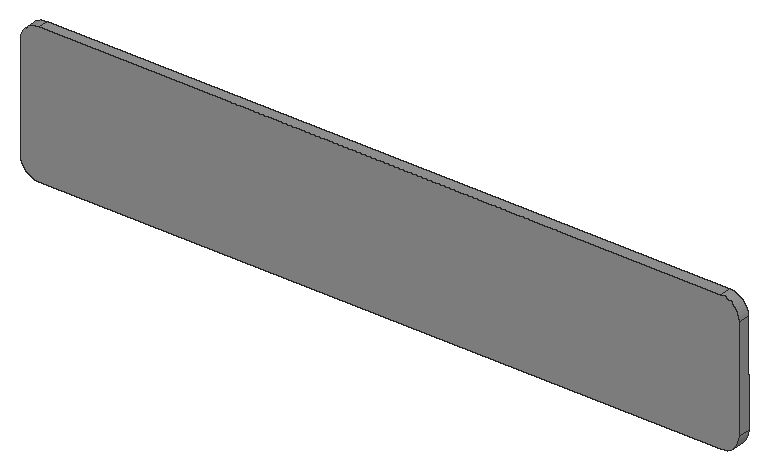
Revit family "Straight Screen", category Furniture, Revit 2019
Family settings
  OmniClass Number = 23.40.20.00
  OmniClass Title = General Furniture and Specialties
  Work Plane-Based = No
  Always vertical = Yes
  Cut with Voids When Loaded = No
  Shared = No
  Room Calculation Point = No
Parameters (values of type "1970 x 380 High Screen")
  Width = 1970 mm
  URL = "www.gof.co.uk"
  Screen = GABRIEL Byron_15101
  Range = "SCREENS"
  Product Data Specification = "https://gof.co.uk/wp-content/uploads/2018/03/Mirage-Lite-Product-Specfication-Sheets.pdf"
  Product Code = "ML2004-10"
  Product Brochure = ""
  Model = "MIRAGE LITE"
  Manufacturer = "Gresham Office Furniture"  # constant formula
  Assembly Code = "E2020200"
Types (8, lengths in mm): name | Width | Product Code
  (no name) | 1970 | "ML2004-10"
  1970 x 380 High Screen | 1970 | "ML2004-10"
  1770 x 380 High Screen | 1770 | "ML1804-10"
  1570 x 380 High Screen | 1570 | "ML1604-10"
  1370 x 380 High Screen | 1370 | "ML1404-10"
  1170 x 380 High Screen | 1170 | "ML1204-10"
  970 x 380 High Screen | 970 | "ML1004-10"
  770 x 380 High Screen | 770 | "ML0804-10"
Reference planes
  plane 1 "Center (Front/Back)": y = 0
  plane 2: z = 0
  plane 3 "Center (Left/Right)": x = 0
  plane 4: x = 985
  plane 5: x = -985
  plane 6: z = 727
Forms (mm)
  Extrusion 1, solid, material "GABRIEL Byron_15101" <- "Screen"
    sketch origin (0, 0.307, 20) x (1, 0, 0) y (0, 0, 1)
      loop
        line (935, 1087) -> (-935, 1087)
        arc (-935, 1087) -> (-970.355, 1072.355) -> (-985, 1037) r 50
        line (-985, 1037) -> (-985, 757)
        arc (-985, 757) -> (-970.355, 721.645) -> (-935, 707) r 50
        line (-935, 707) -> (935, 707)
        arc (935, 707) -> (970.355, 721.645) -> (985, 757) r 50
        line (985, 757) -> (985, 1037)
        arc (985, 1037) -> (970.355, 1072.355) -> (935, 1087) r 50
    from -14.693 to 15.307
Dimensions and locks
  "Width": plane 5 to plane 4
  equal spacing: plane 5, plane 3 "Center (Left/Right)", plane 4
  locked: plane 6 to level at 727
  locked: Extrusion 1 to plane 6 at 380
  equal spacing: Extrusion 1, plane 1 "Center (Front/Back)", Extrusion 1
  locked: Extrusion 1 to Extrusion 1 at 30
  equal spacing: plane 4, plane 3 "Center (Left/Right)", plane 5
  aligned and locked: level to plane 2
  aligned and locked: plane 4 to Extrusion 1
  aligned and locked: Extrusion 1 to plane 5
Automatic sketch dimensions
  Extrusion 1 sketch curve to plane 5 = 0 mm
  Extrusion 1 sketch curve to plane 6 = 0 mm
  Extrusion 1 sketch curve to plane 4 = 0 mm
  plane 5 to Extrusion 1 sketch curve = 50 mm  (x2)
  Extrusion 1 sketch curve to plane 4 = 50 mm  (x2)
  Extrusion 1 sketch curve to Extrusion 1 sketch curve = 280 mm
